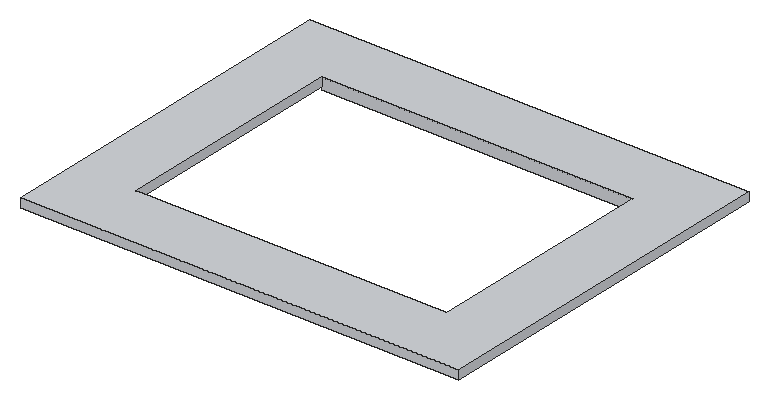
Revit family "H38SFPSB - H38DF006-20", category Generic Models, host Face, Revit 2019
Family settings
  Host = Face
  Can host rebar = No
  Round Connector Dimension = Use Diameter
  Part Type = Normal
  Cut with Voids When Loaded = No
  Shared = No
  Room Calculation Point = No
Parameters
  Default Elevation = 48.00"
Reference planes (in)
  plane 1 "Center (Front/Back)": y = 0
  plane 2: z = 0
  plane 3 "Center (Left/Right)": x = 0
Forms (in)
  Extrusion 1, solid
    sketch origin (-18.5625, 20.90625, 0) x (1, 0, 0) y (0, 1, 0)
      loop
        line (43.40565, -0.41625) -> (-6.28135, -0.41625) -> (-6.28135, -41.39625) -> (43.40565, -41.39625) -> (43.40565, -0.41625)
      loop
        line (0.96865, -7.73325) -> (0.96865, -34.07925) -> (36.15565, -34.07925) -> (36.15565, -7.73325) -> (0.96865, -7.73325)
    from 0 to 1
  Sweep 2, solid
    path origin (0, 0, 0) x (1, 0, 0) y (0, 1, 0)
      loop
        line (17.59315, -13.173) -> (-17.59385, -13.173)
    profile origin (-0.00035, -13.173, 0) x (0, -1, 0) y (0, 0, 1)
      loop
        line (0, 1) -> (0, -0.307) -> (0.536, -0.307) -> (0.536, -0.267) -> (0.04, -0.267) -> (0.04, 1) -> (0, 1)
  Sweep 3, solid
    path origin (0, 0, 0) x (1, 0, 0) y (0, -1, 0)
      loop
        line (17.59315, -13.173) -> (-17.59385, -13.173)
    profile origin (-0.00035, 13.173, 0) x (0, -1, 0) y (0, 0, 1)
      loop
        line (0, 1) -> (-0.04, 1) -> (-0.04, -0.267) -> (-0.536, -0.267) -> (-0.536, -0.307) -> (0, -0.307) -> (0, 1)
Cuts and joins
  joined: Extrusion 1, Sweep 2, Sweep 3
Dimensions and locks (in)
  aligned and locked: plane 2 to host face
  aligned and locked: level to host face
